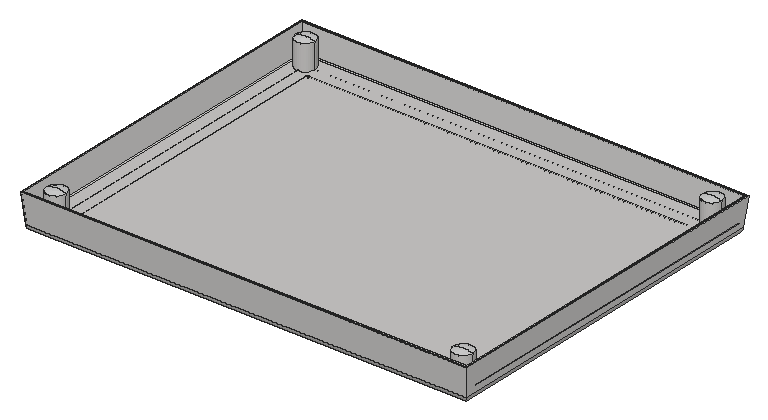
Revit family "Gorter BV 800x600mm", category Generic Models, host Face, Revit 2019
Family settings
  Host = Face
  Can host rebar = No
  Round Connector Dimension = Use Diameter
  Part Type = Normal
  Cut with Voids When Loaded = Yes
  Shared = Yes
  Room Calculation Point = No
Parameters (values of type "BV 800x600mm")
  vullen_met_beton = "ja"  # constant formula
  vergrendeling = "nee"  # constant formula
  uitwendige_lengte = 735 mm
  uitwendige_breedte = 935 mm
  sluiting = "4"  # constant formula
  scharnierend = "nee"  # constant formula
  rubberen_afdichting = "enkel"  # constant formula
  productgroep = ""
  materiaal = bcb_staal
  inbouwhoogte [instance] = 75 mm
  geïsoleerd = "nee"  # constant formula
  gewicht = "27"
  gasdrukveer = "nee"  # constant formula
  brandwerend 90 min = "nee"  # constant formula
  binnenmaat_lengte = uitwendige_lengte - 135 mm  # 600 mm
  binnenmaat_breedte = uitwendige_breedte - 135 mm  # 800 mm
  binnenluik = "tbv betonvulling"  # constant formula
  belasting = "125 kN"  # constant formula
  URL = ""
  Model = "BV"  # constant formula
  Manufacturer = "Gorter"  # constant formula
  Description = "BV 86"
  Default Elevation = 1219.2 mm
Types (6, lengths in mm): name | uitwendige_lengte | uitwendige_breedte | gewicht | binnenmaat_lengte | binnenmaat_breedte | Description
  (no name) | 735 | 935 | "27" | 600 | 800 | "BV 86"
  BV 600x400mm | 535 | 735 | "17" | 400 | 600 | "BV 64"
  BV 600x600mm | 735 | 735 | "21" | 600 | 600 | "BV 66"
  BV 800x600mm | 735 | 935 | "27" | 600 | 800 | "BV 86"
  BV 800x800mm | 935 | 935 | "31" | 800 | 800 | "BV 88"
  BV 1000x600mm | 735 | 1135 | "31" | 600 | 1000 | "BV 106"
Reference planes
  plane 1 "Center (Front/Back)": y = 0
  plane 2: z = 0
  plane 3 "Center (Left/Right)": x = 0
  plane 4: y = 367.5
  plane 5: y = -367.5
  plane 6: x = 467.5
  plane 7: x = -467.5
  plane 8: z = -75
  plane 9: x = -425.5
  plane 10: y = 325.5
  plane 11: y = -325.5
  plane 12: x = 425.5
  plane 13: x = -305.5
  plane 14: x = 305.5
  plane 15: y = -205.5
  plane 16: y = 205.5
Forms (mm)
  Sweep 1, solid, material "bcb_staal" <- "materiaal", detail levels medium+fine
    path origin (0, 0, 0) x (1, 0, 0) y (0, 1, 0)
      loop
        line (-467.5, 367.5) -> (-467.5, -367.5) -> (467.5, -367.5) -> (467.5, 367.5) -> (-467.5, 367.5)
    profile origin (-467.5, 0, 0) x (-1, 0, 0) y (0, 0, 1)
      loop
        line (0, 0) -> (-2.01, 0) -> (-8.062, -60.739)
        arc (-8.062, -60.739) -> (-19.025, -71.913) -> (-32.302, -63.62) r 12.5
        line (-32.302, -63.62) -> (-34.724, -56.679)
        arc (-34.724, -56.679) -> (-38.41, -54.001) -> (-42.212, -56.51) r 4
        line (-42.212, -56.51) -> (-44.362, -61.868)
        arc (-44.362, -61.868) -> (-48.269, -64.946) -> (-52.899, -63.13) r 5
        line (-52.899, -63.13) -> (-56.64, -57.982)
        arc (-56.64, -57.982) -> (-63.349, -55.792) -> (-67.5, -61.5) r 6
        line (-67.5, -61.5) -> (-67.5, -75) -> (-65.5, -75) -> (-65.5, -61.5)
        arc (-65.5, -61.5) -> (-62.734, -57.695) -> (-58.262, -59.152) r 4
        line (-58.262, -59.152) -> (-54.667, -64.109)
        arc (-54.667, -64.109) -> (-48.142, -66.947) -> (-42.504, -62.607) r 7
        line (-42.504, -62.607) -> (-40.356, -57.255)
        arc (-40.356, -57.255) -> (-38.451, -56.001) -> (-36.61, -57.346) r 2
        line (-36.61, -57.346) -> (-34.19, -64.279)
        arc (-34.19, -64.279) -> (-18.789, -73.899) -> (-6.071, -60.938) r 14.5
        line (-6.071, -60.938) -> (0, 0)
  Sweep 2, solid, material "bcb_staal" <- "materiaal", detail levels medium+fine
    path origin (0, 0, 0) x (1, 0, 0) y (0, 1, 0)
      loop
        line (-467.5, 367.5) -> (-467.5, -367.5) -> (467.5, -367.5) -> (467.5, 367.5) -> (-467.5, 367.5)
    profile origin (-467.5, 0, 0) x (-1, 0, 0) y (0, 0, 1)
      loop
        line (-10.487, -50.628) -> (-2.484, 0) -> (-4.5, 0) -> (-12.438, -50.313)
        arc (-12.438, -50.313) -> (-13.121, -51.538) -> (-14.437, -52.024) r 2.024
        line (-14.437, -52.024) -> (-67.5, -52.024) -> (-67.5, -53.988) -> (-14.751, -53.988)
        arc (-14.751, -53.988) -> (-11.962, -53.142) -> (-10.487, -50.628) r 4
  Sweep 3, solid, material "bcb_staal" <- "materiaal", detail levels coarse
    path origin (0, 0, 0) x (1, 0, 0) y (0, 1, 0)
      loop
        line (-467.5, 367.5) -> (-467.5, -367.5) -> (467.5, -367.5) -> (467.5, 367.5) -> (-467.5, 367.5)
    profile origin (-467.5, 0, 0) x (-1, 0, 0) y (0, 0, 1)
      loop
        line (0, 0) -> (-4.5, 0) -> (-12.74, -52.024) -> (-67.5, -52.024) -> (-67.5, -75) -> (-7.473, -75) -> (0, 0)
  Extrusion 4, solid, material "bcb_staal" <- "materiaal", detail levels medium+fine
    sketch origin (0, 0, 0) x (1, 0, 0) y (0, 1, 0)
      loop
        line (-400, 300) -> (-400, -300) -> (400, -300) -> (400, 300) -> (-400, 300)
    from -53.988 to -52
  Extrusion 5, solid, material "bcb_staal" <- "materiaal", detail levels coarse
    sketch origin (0, 0, 0) x (1, 0, 0) y (0, 1, 0)
      loop
        line (-400, 300) -> (-400, -300) -> (400, -300) -> (400, 300) -> (-400, 300)
    from -75 to -52.024
  Extrusion 6, void
    sketch origin (0, 0, 0) x (1, 0, 0) y (0, 1, 0)
      loop
        line (-305.5, -205.5) -> (305.5, -205.5) -> (305.5, 205.5) -> (-305.5, 205.5) -> (-305.5, -205.5)
    from -500 to 10
  Sweep 7, void
    path origin (0, 0, 0) x (1, 0, 0) y (0, 1, 0)
      loop
        line (-467.5, 367.5) -> (-467.5, -367.5) -> (467.5, -367.5) -> (467.5, 367.5) -> (-467.5, 367.5)
    profile origin (-467.5, 0, 0) x (-1, 0, 0) y (0, 0, 1)
      loop
        line (0.498, 5) -> (-162, 5) -> (-162, -365) -> (-65.5, -365) -> (-65.5, -75) -> (-7.473, -75) -> (0.498, 5)
Cuts and joins
  joined: Sweep 2, Extrusion 4
  joined: Sweep 3, Extrusion 5
Dimensions and locks
  equal spacing: plane 7, plane 3 "Center (Left/Right)", plane 6
  "uitwendige_breedte": plane 7 to plane 6
  equal spacing: plane 4, plane 1 "Center (Front/Back)", plane 5
  "uitwendige_lengte": plane 4 to plane 5
  locked: plane 4 to plane 10 at 42
  locked: plane 7 to plane 9 at 42
  locked: plane 12 to plane 6 at 42
  locked: plane 5 to plane 11 at 42
  locked: plane 9 to plane 13 at 120
  locked: plane 14 to plane 12 at 120
  locked: plane 15 to plane 11 at 120
  locked: plane 10 to plane 16 at 120
  aligned and locked: plane 2 to host face
  aligned and locked: level to host face
  aligned and locked: Sweep 1 sketch curve to plane 4
  aligned and locked: plane 7 to Sweep 1 sketch curve
  aligned and locked: plane 5 to Sweep 1 sketch curve
  aligned and locked: Sweep 1 sketch curve to plane 6
  aligned and locked: Sweep 2 sketch curve to Sweep 1  (x4)
  aligned and locked: Sweep 3 sketch curve to Sweep 1  (x4)
  aligned and locked: Extrusion 4 sketch curve to Sweep 1  (x4)
  aligned and locked: Extrusion 5 sketch curve to Sweep 3  (x2)
  aligned and locked: Extrusion 5 sketch curve to Sweep 1  (x2)
  aligned and locked: plane 3 "Center (Left/Right)" to nested 1
  aligned and locked: nested 1 to plane 2
  aligned and locked: plane 9 to nested 2
  aligned and locked: nested 2 to plane 10
  aligned and locked: nested 3 to plane 12
  aligned and locked: plane 10 to nested 3
  aligned and locked: plane 11 to nested 4
  aligned and locked: nested 4 to plane 9
  aligned and locked: nested 5 to plane 11
  aligned and locked: plane 12 to nested 5
  aligned and locked: nested 6 to plane 1 "Center (Front/Back)"
  aligned and locked: nested 6 to plane 2
  aligned and locked: Extrusion 6 to plane 16
  aligned and locked: Extrusion 6 to plane 14
  aligned and locked: Extrusion 6 to plane 15
  aligned and locked: Extrusion 6 to plane 13
  aligned and locked: Sweep 7 sketch curve to plane 4
  aligned and locked: Sweep 7 sketch curve to plane 6
  aligned and locked: plane 5 to Sweep 7 sketch curve
  aligned and locked: plane 7 to Sweep 7 sketch curve
Automatic sketch dimensions
  host sketch curve to host sketch curve = 2000 mm  (x2)
  Sweep 1 sketch curve to profile plane = 0 mm
  profile plane to Sweep 1 sketch curve = 6.071 mm
  Sweep 1 sketch curve to Sweep 1 sketch curve = 1.99 mm
  Sweep 1 sketch curve to Sweep 1 sketch curve = 12.438 mm
  Sweep 1 sketch curve to Sweep 1 sketch curve = 0 mm  (x6)
  Sweep 1 sketch curve to Sweep 1 sketch curve = 11.802 mm
  Sweep 1 sketch curve to Sweep 1 sketch curve = 1.888 mm
  Sweep 1 sketch curve to Sweep 1 sketch curve = 2.423 mm
  Sweep 1 sketch curve to Sweep 1 sketch curve = 1.886 mm
  Sweep 1 sketch curve to Sweep 1 sketch curve = 1.89 mm
  Sweep 1 sketch curve to Sweep 1 sketch curve = 1.856 mm  (x2)
  Sweep 1 sketch curve to Sweep 1 sketch curve = 2.147 mm
  Sweep 1 sketch curve to Sweep 1 sketch curve = 1.858 mm
  Sweep 1 sketch curve to Sweep 1 sketch curve = 4.638 mm
  Sweep 1 sketch curve to Sweep 1 sketch curve = 3.899 mm
  Sweep 1 sketch curve to Sweep 1 sketch curve = 1.768 mm
  Sweep 1 sketch curve to Sweep 1 sketch curve = 3.741 mm
  Sweep 1 sketch curve to Sweep 1 sketch curve = 1.622 mm
  Sweep 1 sketch curve to Sweep 1 sketch curve = 3.238 mm
  Sweep 1 sketch curve to Sweep 1 sketch curve = 4 mm
  Sweep 1 sketch curve to Sweep 1 sketch curve = 2 mm
  Sweep 1 sketch curve to level = 56.51 mm
  Sweep 1 sketch curve to Sweep 1 sketch curve = 0.169 mm
  Sweep 1 sketch curve to Sweep 1 sketch curve = 0.745 mm
  Sweep 1 sketch curve to Sweep 1 sketch curve = 0.654 mm
  Sweep 1 sketch curve to Sweep 1 sketch curve = 1.471 mm
  Sweep 1 sketch curve to Sweep 1 sketch curve = 1.17 mm
  Sweep 1 sketch curve to Sweep 1 sketch curve = 2.821 mm
  Sweep 1 sketch curve to Sweep 1 sketch curve = 3.49 mm
  Sweep 1 sketch curve to Sweep 1 sketch curve = 1.239 mm
  Sweep 1 sketch curve to Sweep 1 sketch curve = 0.198 mm
  Sweep 1 sketch curve to Sweep 1 sketch curve = 1.867 mm
  Sweep 1 sketch curve to Sweep 1 sketch curve = 0.739 mm
  Sweep 1 sketch curve to Sweep 1 sketch curve = 13.5 mm
  profile plane to Sweep 1 sketch curve = 2.01 mm
  Sweep 1 sketch curve to Sweep 1 sketch curve = 60.938 mm
  Sweep 2 sketch curve to level = 0 mm
  profile plane to Sweep 2 sketch curve = 14.751 mm
  Sweep 2 sketch curve to Sweep 2 sketch curve = 0.313 mm  (x2)
  Sweep 2 sketch curve to Sweep 2 sketch curve = 0 mm  (x2)
  Sweep 2 sketch curve to Sweep 2 sketch curve = 1.95 mm
  Sweep 2 sketch curve to Sweep 2 sketch curve = 0.315 mm
  Sweep 2 sketch curve to Sweep 2 sketch curve = 53.063 mm
  profile plane to Sweep 2 sketch curve = 4.5 mm
  Sweep 2 sketch curve to Sweep 2 sketch curve = 2.016 mm
  Sweep 2 sketch curve to level = 52.024 mm
  Sweep 2 sketch curve to Sweep 2 sketch curve = 1.963 mm
  Sweep 3 sketch curve to level = 0 mm
  Sweep 3 sketch curve to profile plane = 0 mm
  profile plane to Sweep 3 sketch curve = 4.5 mm
  profile plane to Sweep 3 sketch curve = 12.74 mm
  Sweep 3 sketch curve to Sweep 3 sketch curve = 54.76 mm
  Sweep 3 sketch curve to level = 52.024 mm
  profile plane to Sweep 3 sketch curve = 7.473 mm
  Sweep 3 sketch curve to Sweep 3 sketch curve = 22.976 mm
  Extrusion 6 sketch curve to plane 11 = 120 mm
  Extrusion 6 sketch curve to plane 1 "Center (Front/Back)" = 205.5 mm
  Extrusion 6 sketch curve to plane 13 = 0 mm
  Extrusion 6 sketch curve to plane 14 = 0 mm
  level to Sweep 7 sketch curve = 5 mm
  profile plane to Sweep 7 sketch curve = 162 mm
  profile plane to Sweep 7 sketch curve = 65.5 mm
  profile plane to Sweep 7 sketch curve = 7.473 mm
  Sweep 7 sketch curve to profile plane = 0.498 mm
  Sweep 7 sketch curve to level = 75 mm
  Sweep 7 sketch curve to Sweep 7 sketch curve = 290 mm
Nested families
  nested 1: "NLRS_33_GM_FB_TC_GORTER_vloerluik_BV_BCB_Detail_Component" at (0, 0, 0) x (1, 0, 0) z (0, -1, 0), breedte <- "uitwendige_breedte", type "NLRS_33_GM_FB_TC_GORTER_vloerluik_BV_BCB_Detail_Component"
    with breedte 935 mm
  nested 2: "NLRS_33_GM_FB_TC_GORTER_vloerluik_BV_BCB_Inbusbout" at (-425.5, 325.5, -52.024), type "NLRS_33_GM_FB_TC_GORTER_vloerluik_BV_BCB_Inbusbout"
  nested 3: "NLRS_33_GM_FB_TC_GORTER_vloerluik_BV_BCB_Inbusbout" at (425.5, 325.5, -52.024) x (-1, 0, 0) z (0, 0, 1), type "NLRS_33_GM_FB_TC_GORTER_vloerluik_BV_BCB_Inbusbout"
  nested 4: "NLRS_33_GM_FB_TC_GORTER_vloerluik_BV_BCB_Inbusbout" at (-425.5, -325.5, -52.024), type "NLRS_33_GM_FB_TC_GORTER_vloerluik_BV_BCB_Inbusbout"
  nested 5: "NLRS_33_GM_FB_TC_GORTER_vloerluik_BV_BCB_Inbusbout" at (425.5, -325.5, -52.024) x (-1, 0, 0) z (0, 0, 1), type "NLRS_33_GM_FB_TC_GORTER_vloerluik_BV_BCB_Inbusbout"
  nested 6: "NLRS_33_GM_FB_TC_GORTER_vloerluik_BV_BCB_Detail_Component" at (0, 0, 0) x (0, 1, 0) z (1, 0, 0), breedte <- "uitwendige_lengte", type "NLRS_33_GM_FB_TC_GORTER_vloerluik_BV_BCB_Detail_Component"
    with breedte 735 mm
Definition of nested family "NLRS_33_GM_FB_TC_GORTER_vloerluik_BV_BCB_Inbusbout"
  Parameters
    materiaal = none
    Default Elevation = 1219.2 mm
  Reference planes
    plane 1 "Center (Front/Back)": y = 0
    plane 2: z = 0
    plane 3 "Center (Left/Right)": x = 0
  Forms (mm)
    Extrusion 1, solid, not visible
      sketch origin (0, 0, 0) x (1, 0, 0) y (0, 1, 0)
        loop
          line (-250, 250) -> (-250, -250) -> (250, -250) -> (250, 250) -> (-250, 250)
      from 0 to -100
    Extrusion 2, solid, material <- "materiaal", detail levels medium+fine
      sketch origin (0, 0, 0) x (1, 0, 0) y (0, 1, 0)
        loop
          circle (0, 0) r 20
      from 0 to 52
    Revolve 3, solid, detail levels medium+fine
      sketch origin (0, 0, 0) x (1, 0, 0) y (0, 0, 1)
        loop
          line (-20, 52) -> (0, 52) -> (0, 56)
          arc (0, 56) -> (-10.198, 54.99) -> (-20, 52) r 52
        axis (0, 56) -> (0, 52)
      angle from 0 to 360
  Dimensions and locks
    aligned and locked: plane 2 to Extrusion 1
    aligned and locked: level to Extrusion 1
Definition of nested family "NLRS_33_GM_FB_TC_GORTER_vloerluik_BV_BCB_Detail_Component"
  Parameters
    breedte [instance] = 435 mm
  Reference planes
    plane 1 "Center (Front/Back)": y = 0
    plane 2: z = 0
    plane 3 "Center (Left/Right)": x = 0
    plane 4: x = -217.5
    plane 5: x = 217.5
    plane 6: y = 100
    plane 7: y = -75
  Lines and regions (mm)
    Filled region 1, type "BCB Staal", in view "Ref. Level", detail levels medium+fine
      outline origin (0, 0, 0) x (1, 0, 0) y (0, 1, 0)
        loop
          line (-217.5, 0) -> (-211.429, -60.938)
          arc (-211.429, -60.938) -> (-198.711, -73.899) -> (-183.31, -64.279) r 14.5
          line (-183.31, -64.279) -> (-180.89, -57.346)
          arc (-180.89, -57.346) -> (-179.049, -56.001) -> (-177.144, -57.255) r 2
          line (-177.144, -57.255) -> (-174.996, -62.607)
          arc (-174.996, -62.607) -> (-169.358, -66.947) -> (-162.833, -64.109) r 7
          line (-162.833, -64.109) -> (-159.24, -59.154)
          arc (-159.24, -59.154) -> (-154.767, -57.695) -> (-152, -61.5) r 4
          line (-152, -61.5) -> (-152, -75) -> (-150, -75) -> (-150, -61.5)
          arc (-150, -61.5) -> (-154.151, -55.792) -> (-160.86, -57.982) r 6
          line (-160.86, -57.982) -> (-164.601, -63.13)
          arc (-164.601, -63.13) -> (-169.231, -64.946) -> (-173.138, -61.868) r 5
          line (-173.138, -61.868) -> (-175.288, -56.51)
          arc (-175.288, -56.51) -> (-179.09, -54.001) -> (-182.776, -56.679) r 4
          line (-182.776, -56.679) -> (-185.198, -63.62)
          arc (-185.198, -63.62) -> (-198.475, -71.913) -> (-209.438, -60.739) r 12.5
          line (-209.438, -60.739) -> (-215.49, 0) -> (-217.5, 0)
    Filled region 2, type "BCB Rubber", in view "Ref. Level", detail levels medium+fine
      outline origin (0, 0, 0) x (1, 0, 0) y (0, 1, 0)
        loop
          arc (-160.052, -57.075) -> (-160.524, -54.949) -> (-162.485, -54) r 2.5
          line (-162.485, -54) -> (-178.975, -54)
          arc (-178.975, -54) -> (-176.749, -54.694) -> (-175.288, -56.51) r 4
          line (-175.288, -56.51) -> (-173.138, -61.868)
          arc (-173.138, -61.868) -> (-169.231, -64.946) -> (-164.601, -63.13) r 5
          line (-164.601, -63.13) -> (-160.86, -57.982)
          arc (-160.86, -57.982) -> (-160.479, -57.508) -> (-160.052, -57.075) r 6
    Filled region 3, type "BCB Staal", in view "Ref. Level", detail levels medium+fine
      outline origin (0, 0, 0) x (1, 0, 0) y (0, 1, 0)
        loop
          line (-213, 0) -> (-215.016, 0) -> (-207.013, -50.628)
          arc (-207.013, -50.628) -> (-205.538, -53.142) -> (-202.749, -53.988) r 4
          line (-202.749, -53.988) -> (203.063, -53.988)
          arc (203.063, -53.988) -> (205.651, -53.033) -> (207, -50.626) r 3.987
          line (207, -50.626) -> (215, 0) -> (212.969, 0) -> (205.038, -50.32)
          arc (205.038, -50.32) -> (204.359, -51.524) -> (203.063, -52.024) r 2.001
          line (203.063, -52.024) -> (-203.063, -52.024)
          arc (-203.063, -52.024) -> (-204.379, -51.538) -> (-205.063, -50.313) r 2.024
          line (-205.063, -50.313) -> (-213, 0)
    Filled region 4, type "BCB Staal", in view "Ref. Level", detail levels medium+fine
      outline origin (0, 0, 0) x (1, 0, 0) y (0, 1, 0)
        loop
          line (185.198, -63.62) -> (182.776, -56.679)
          arc (182.776, -56.679) -> (179.09, -54.001) -> (175.288, -56.51) r 4
          line (175.288, -56.51) -> (173.138, -61.868)
          arc (173.138, -61.868) -> (169.231, -64.946) -> (164.601, -63.13) r 5
          line (164.601, -63.13) -> (160.86, -57.982)
          arc (160.86, -57.982) -> (154.151, -55.792) -> (150, -61.5) r 6
          line (150, -61.5) -> (150, -75) -> (152, -75) -> (152, -61.5)
          arc (152, -61.5) -> (154.767, -57.695) -> (159.24, -59.154) r 4
          line (159.24, -59.154) -> (162.833, -64.109)
          arc (162.833, -64.109) -> (169.358, -66.947) -> (174.996, -62.607) r 7
          line (174.996, -62.607) -> (177.144, -57.255)
          arc (177.144, -57.255) -> (179.049, -56.001) -> (180.89, -57.346) r 2
          line (180.89, -57.346) -> (183.31, -64.279)
          arc (183.31, -64.279) -> (198.711, -73.899) -> (211.429, -60.938) r 14.5
          line (211.429, -60.938) -> (217.5, 0) -> (215.49, 0) -> (209.438, -60.739)
          arc (209.438, -60.739) -> (198.475, -71.913) -> (185.198, -63.62) r 12.5
    Filled region 5, type "BCB Rubber", in view "Ref. Level", detail levels medium+fine
      outline origin (0, 0, 0) x (1, 0, 0) y (0, 1, 0)
        loop
          arc (162.485, -54) -> (160.524, -54.949) -> (160.052, -57.075) r 2.5
          arc (160.052, -57.075) -> (160.479, -57.508) -> (160.86, -57.982) r 6
          line (160.86, -57.982) -> (164.601, -63.13)
          arc (164.601, -63.13) -> (169.231, -64.946) -> (173.138, -61.868) r 5
          line (173.138, -61.868) -> (175.288, -56.51)
          arc (175.288, -56.51) -> (176.746, -54.695) -> (178.968, -54) r 4
          line (178.968, -54) -> (162.485, -54)
    Masking region 1, in view "Ref. Level", detail levels medium+fine
      outline origin (0, 0, 0) x (1, 0, 0) y (0, 1, 0)
        loop
          line (-152, -75) -> (152, -75) -> (152, -74) -> (197, -74)
          arc (197, -74) -> (206.732, -70.249) -> (211.429, -60.938) r 14.5
          line (211.429, -60.938) -> (217.5, 0) -> (-217.5, 0) -> (-211.429, -60.938)
          arc (-211.429, -60.938) -> (-206.732, -70.249) -> (-197, -74) r 14.5
          line (-197, -74) -> (-152, -74) -> (-152, -75)
  Text (mm)
    text "Meer informatie nodig om tot een goed detail te komen.\n\nPDF van de website bevat meer informatie, dit zouden wij graag tegemoet zien in DWG-formaat." at (4.418, -12.363, 0), in view "Ref. Level"
  Dimensions and locks
    equal spacing: plane 4, plane 3 "Center (Left/Right)", plane 5
    "breedte": plane 4 to plane 5
  Automatic sketch dimensions
    plane 1 "Center (Front/Back)" to Filled region 1 sketch curve = 0 mm
    Filled region 1 sketch curve to plane 4 = 0 mm
    plane 4 to Filled region 1 sketch curve = 6.071 mm
    Filled region 1 sketch curve to Filled region 1 sketch curve = 1.99 mm
    Filled region 1 sketch curve to Filled region 1 sketch curve = 12.438 mm
    Filled region 1 sketch curve to Filled region 1 sketch curve = 0 mm  (x6)
    plane 7 to Filled region 1 sketch curve = 11.38 mm
    Filled region 1 sketch curve to Filled region 1 sketch curve = 11.802 mm
    plane 7 to Filled region 1 sketch curve = 10.721 mm
    Filled region 1 sketch curve to Filled region 1 sketch curve = 1.888 mm
    Filled region 1 sketch curve to Filled region 1 sketch curve = 2.423 mm
    plane 7 to Filled region 1 sketch curve = 17.654 mm
    Filled region 1 sketch curve to Filled region 1 sketch curve = 1.886 mm
    Filled region 1 sketch curve to Filled region 1 sketch curve = 1.89 mm
    plane 7 to Filled region 1 sketch curve = 17.745 mm
    Filled region 1 sketch curve to Filled region 1 sketch curve = 1.856 mm  (x2)
    plane 7 to Filled region 1 sketch curve = 18.49 mm
    plane 7 to Filled region 1 sketch curve = 12.393 mm
    Filled region 1 sketch curve to Filled region 1 sketch curve = 2.147 mm
    plane 7 to Filled region 1 sketch curve = 13.132 mm
    Filled region 1 sketch curve to Filled region 1 sketch curve = 1.858 mm
    Filled region 1 sketch curve to Filled region 1 sketch curve = 4.638 mm
    plane 7 to Filled region 1 sketch curve = 11.87 mm
    Filled region 1 sketch curve to Filled region 1 sketch curve = 3.899 mm
    plane 7 to Filled region 1 sketch curve = 10.891 mm
    Filled region 1 sketch curve to Filled region 1 sketch curve = 1.768 mm
    plane 7 to Filled region 1 sketch curve = 17.018 mm
    Filled region 1 sketch curve to Filled region 1 sketch curve = 3.74 mm
    plane 7 to Filled region 1 sketch curve = 15.846 mm
    Filled region 1 sketch curve to Filled region 1 sketch curve = 1.621 mm
    Filled region 1 sketch curve to Filled region 1 sketch curve = 3.24 mm
    plane 7 to Filled region 1 sketch curve = 13.5 mm  (x2)
    Filled region 1 sketch curve to Filled region 1 sketch curve = 4 mm
    plane 7 to Filled region 1 sketch curve = 0 mm
    Filled region 1 sketch curve to Filled region 1 sketch curve = 2 mm  (x2)
    plane 7 to Filled region 1 sketch curve = 14.062 mm
    Filled region 1 sketch curve to Filled region 1 sketch curve = 0.198 mm
    plane 4 to Filled region 1 sketch curve = 2.01 mm
    plane 7 to Filled region 2 sketch curve = 17 mm
    plane 4 to Filled region 2 sketch curve = 38.5 mm
    Filled region 2 sketch curve to Filled region 2 sketch curve = 0.025 mm
    plane 7 to Filled region 2 sketch curve = 18.49 mm
    Filled region 2 sketch curve to Filled region 2 sketch curve = 3.712 mm
    plane 7 to Filled region 2 sketch curve = 13.132 mm
    Filled region 2 sketch curve to Filled region 2 sketch curve = 2.15 mm
    Filled region 2 sketch curve to Filled region 2 sketch curve = 4.638 mm
    plane 7 to Filled region 2 sketch curve = 11.87 mm
    Filled region 2 sketch curve to Filled region 2 sketch curve = 3.899 mm
    Filled region 2 sketch curve to Filled region 2 sketch curve = 2.116 mm
    plane 7 to Filled region 2 sketch curve = 17.018 mm
    Filled region 2 sketch curve to Filled region 2 sketch curve = 1.624 mm
    Filled region 2 sketch curve to Filled region 2 sketch curve = 4.86 mm
    Filled region 2 sketch curve to Filled region 2 sketch curve = 3.518 mm
    Filled region 2 sketch curve to Filled region 2 sketch curve = 1.482 mm
    Filled region 2 sketch curve to Filled region 2 sketch curve = 0 mm  (x3)
    Filled region 2 sketch curve to Filled region 2 sketch curve = 0.809 mm
    plane 1 "Center (Front/Back)" to Filled region 3 sketch curve = 0 mm  (x2)
    plane 4 to Filled region 3 sketch curve = 10.487 mm
    Filled region 3 sketch curve to Filled region 3 sketch curve = 1.95 mm
    Filled region 3 sketch curve to Filled region 3 sketch curve = 2 mm
    Filled region 3 sketch curve to Filled region 3 sketch curve = 0 mm  (x5)
    Filled region 3 sketch curve to Filled region 3 sketch curve = 0.313 mm  (x2)
    Filled region 3 sketch curve to plane 5 = 14.437 mm
    Filled region 3 sketch curve to Filled region 3 sketch curve = 1.975 mm
    Filled region 3 sketch curve to Filled region 3 sketch curve = 1.962 mm
    Filled region 3 sketch curve to plane 5 = 4.531 mm
    Filled region 3 sketch curve to Filled region 3 sketch curve = 2.031 mm
    plane 7 to Filled region 3 sketch curve = 25 mm  (x2)
    Filled region 3 sketch curve to Filled region 3 sketch curve = 0.001 mm
    Filled region 3 sketch curve to Filled region 3 sketch curve = 0.319 mm
    Filled region 3 sketch curve to Filled region 3 sketch curve = 0.306 mm
    plane 4 to Filled region 3 sketch curve = 4.5 mm
    Filled region 3 sketch curve to Filled region 3 sketch curve = 2.016 mm
    Filled region 4 sketch curve to plane 7 = 0 mm
    plane 1 "Center (Front/Back)" to Filled region 4 sketch curve = 0 mm
    Filled region 4 sketch curve to plane 5 = 0 mm
    Filled region 4 sketch curve to plane 5 = 6.071 mm
    Filled region 4 sketch curve to Filled region 4 sketch curve = 1.99 mm
    Filled region 4 sketch curve to Filled region 4 sketch curve = 12.438 mm
    Filled region 4 sketch curve to Filled region 4 sketch curve = 0 mm  (x5)
    plane 7 to Filled region 4 sketch curve = 11.38 mm
    Filled region 4 sketch curve to Filled region 4 sketch curve = 11.802 mm
    plane 7 to Filled region 4 sketch curve = 10.721 mm
    Filled region 4 sketch curve to Filled region 4 sketch curve = 1.888 mm
    Filled region 4 sketch curve to Filled region 4 sketch curve = 2.423 mm
    Filled region 4 sketch curve to Filled region 4 sketch curve = 1.886 mm
    Filled region 4 sketch curve to Filled region 4 sketch curve = 1.89 mm
    plane 7 to Filled region 4 sketch curve = 17.745 mm
    Filled region 4 sketch curve to Filled region 4 sketch curve = 1.856 mm  (x2)
    plane 7 to Filled region 4 sketch curve = 18.49 mm
    plane 7 to Filled region 4 sketch curve = 12.393 mm
    Filled region 4 sketch curve to Filled region 4 sketch curve = 2.147 mm
    plane 7 to Filled region 4 sketch curve = 13.132 mm
    Filled region 4 sketch curve to Filled region 4 sketch curve = 1.858 mm
    Filled region 4 sketch curve to Filled region 4 sketch curve = 4.638 mm
    plane 7 to Filled region 4 sketch curve = 11.87 mm
    Filled region 4 sketch curve to Filled region 4 sketch curve = 3.899 mm
    plane 7 to Filled region 4 sketch curve = 10.891 mm
    Filled region 4 sketch curve to Filled region 4 sketch curve = 1.768 mm
    plane 7 to Filled region 4 sketch curve = 17.018 mm
    Filled region 4 sketch curve to Filled region 4 sketch curve = 3.74 mm
    plane 7 to Filled region 4 sketch curve = 15.846 mm
    Filled region 4 sketch curve to Filled region 4 sketch curve = 1.621 mm
    Filled region 4 sketch curve to Filled region 4 sketch curve = 3.24 mm
    Filled region 4 sketch curve to Filled region 4 sketch curve = 4 mm
    Filled region 4 sketch curve to Filled region 4 sketch curve = 2 mm
    plane 7 to Filled region 4 sketch curve = 14.062 mm
    Filled region 4 sketch curve to Filled region 4 sketch curve = 0.198 mm
    Filled region 4 sketch curve to Filled region 4 sketch curve = 0.745 mm
    Filled region 4 sketch curve to Filled region 4 sketch curve = 2.01 mm
    plane 7 to Filled region 5 sketch curve = 13.5 mm
    Filled region 5 sketch curve to plane 5 = 61.5 mm
    plane 7 to Filled region 5 sketch curve = 17.018 mm
    Filled region 5 sketch curve to Filled region 5 sketch curve = 4.86 mm
    Filled region 5 sketch curve to Filled region 5 sketch curve = 1.624 mm
    plane 7 to Filled region 5 sketch curve = 11.87 mm
    Filled region 5 sketch curve to Filled region 5 sketch curve = 3.74 mm
    Filled region 5 sketch curve to Filled region 5 sketch curve = 3.899 mm
    plane 7 to Filled region 5 sketch curve = 13.132 mm
    Filled region 5 sketch curve to Filled region 5 sketch curve = 4.638 mm
    Filled region 5 sketch curve to Filled region 5 sketch curve = 2.15 mm
    Filled region 5 sketch curve to Filled region 5 sketch curve = 3.68 mm
    Filled region 5 sketch curve to Filled region 5 sketch curve = 3.712 mm
    Filled region 5 sketch curve to Filled region 5 sketch curve = 1.49 mm
    Filled region 5 sketch curve to Filled region 5 sketch curve = 1.482 mm
    Filled region 5 sketch curve to Filled region 5 sketch curve = 0.809 mm
    plane 1 "Center (Front/Back)" to Masking region 1 sketch curve = 0 mm
    Masking region 1 sketch curve to plane 4 = 0 mm
    Masking region 1 sketch curve to plane 7 = 0 mm
    Masking region 1 sketch curve to plane 5 = 65.5 mm
    plane 7 to Masking region 1 sketch curve = 1 mm
    plane 4 to Masking region 1 sketch curve = 65.5 mm
    Masking region 1 sketch curve to plane 5 = 20.5 mm
    Masking region 1 sketch curve to Masking region 1 sketch curve = 1 mm
    Masking region 1 sketch curve to Masking region 1 sketch curve = 14.5 mm
    Masking region 1 sketch curve to plane 5 = 6.071 mm
    Masking region 1 sketch curve to plane 5 = 0 mm
    plane 4 to Masking region 1 sketch curve = 6.071 mm
    plane 7 to Masking region 1 sketch curve = 14.062 mm
    Masking region 1 sketch curve to Masking region 1 sketch curve = 1.438 mm
